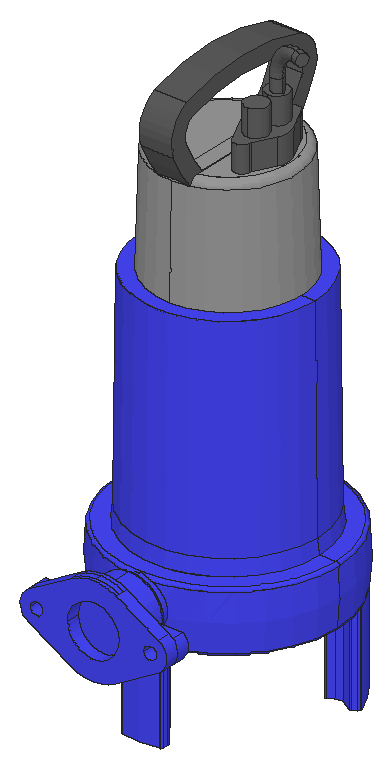
Revit family "BIM_Model_Piranha_50_09_D_rfa", category Mechanical Equipment, Revit 2018
Family settings
  Round Connector Dimension = Use Radius
  Part Type = Normal
  Work Plane-Based = No
  Always vertical = Yes
  Cut with Voids When Loaded = No
  Shared = No
  Room Calculation Point = No
Parameters (values of type "PIRANHA_09_D")
  Weight (kg) [instance] = "23"
  Volute = Cast Iron EN-GJL-250
  Upper Lid = Stainless steel 1.4301 (AISI 304)
  Speed (r/min) = 2900
  Rotor Shaft = Stainless steel 1.4021 (AISI 420)
  Rated Voltage (V) = "400 3~"
  Rated Current (A) = "4.64"
  Product Specification Link = "https://www.sulzer.com/en/shared/products/2017/03/28/14/16/submersible-grinder-pump-type-abs-piranha"
  Motor Power (kW) = "P1=2.56 P2=2.00"
  Motor Housing = Cast Iron EN-GJL-250
  Model = "Type ABS Piranha 09"
  Manufacturer = "Sulzer"
  Impeller = Cast Iron EN-GJL-250
  Head (m) = 75 mm
  Flange DN [instance] = "32"
  Fasteners = Stainless steel 1.4401 (AISI 316)
  Discharge DN 32 [instance] = 32 mm / 2  # 16 mm
  Discharge Connection [instance] = "G 1¼”"
  Description = "Submersible pumps for problem-free pumping of sewage\r\ncontaining faecal matter in pipe lines from 1¼” (DN 32)."
  Capacity (m3/hr) = 30.00 m³
  Cable Type (H07RN-F) = "4G1.0"
  Cable Length (m) = "As Per Specification"
  Assembly Code = ""
Types (3, lengths in mm): name | Rated Voltage (V) | Rated Current (A) | Product Specification Link | Motor Power (kW) | Impeller | Cable Type (H07RN-F)
  (no name) | "400 3~" | "4.64" | "https://www.sulzer.com/en/shared/products/2017/03/28/14/16/submersible-grinder-pump-type-abs-piranha" | "P1=2.56 P2=2.00" | Cast Iron EN-GJL-250 | "4G1.0"
  PIRANHA_09_W | "220-240 1~" | "11.60" | "********" | "P1=2.56 P2=1.84" | Polyamide | "3G1.0"
  PIRANHA_09_D | "400 3~" | "4.64" | "https://www.sulzer.com/en/shared/products/2017/03/28/14/16/submersible-grinder-pump-type-abs-piranha" | "P1=2.56 P2=2.00" | Cast Iron EN-GJL-250 | "4G1.0"
Reference planes
  plane 1 "Center (Front/Back)": y = 0
  plane 2: z = 0
  plane 3 "Center (Left/Right)": x = 0
  plane 4: z = 51
  plane 5: z = 88.2
  plane 6: x = 12.5
  plane 7: x = -12.5
  plane 8: through (0, 136.224, 289.935) normal (0, 0.2588, 0.9659)
  plane 9: y = -130
  plane 10: y = -120
  plane 11: z = 71.5
  plane 12: y = -88
  plane 13: z = 109.5
  plane 14: y = -14.657
  plane 15: y = -29.657
  plane 16: z = 401
  plane 17: z = 335.5
  plane 18: z = 304.5
  plane 19: through (30, -10, 1200) normal (0.3557, 0.9346, 0)
  plane 20: y = -120
Forms (mm)
  Revolve 1, solid, material "Cast Iron EN-GJL-250" <- "Motor Housing"
    sketch origin (0, 0, 0) x (1, 0, 0) y (0, 0, 1)
      loop
        line (69.788, 128.884) -> (67.653, 292) -> (0, 292) -> (0, 70) -> (83.536, 70)
        arc (83.536, 70) -> (84.513, 70.361) -> (85.019, 71.271) r 1.5
        arc (85.019, 71.271) -> (86.936, 92.846) -> (86.062, 114.488) r 168.026
        arc (86.062, 114.488) -> (85.327, 116.264) -> (83.551, 117) r 2.512
        line (83.551, 117) -> (71.151, 117)
        arc (71.151, 117) -> (70.516, 122.947) -> (69.788, 128.884) r 381.445
      axis (0, 292) -> (0, 70)
    angle from 0 to 360
  Extrusion 2, solid, material "Neoprene"
    sketch origin (-1520, -68.65, 401) x (-1, 0, 0) y (0, 1, 0)
      loop
        line (-1556.681, 45.311) -> (-1556.069, 43.549)
        arc (-1556.069, 43.549) -> (-1550, 38.482) -> (-1543.931, 43.549) r 6.168
        line (-1543.931, 43.549) -> (-1543.319, 45.311) -> (-1535.2, 60.982)
        arc (-1535.2, 60.982) -> (-1533.332, 68.65) -> (-1535.2, 76.317) r 16.668
        line (-1535.2, 76.317) -> (-1543.319, 91.989) -> (-1543.931, 93.75)
        arc (-1543.931, 93.75) -> (-1550, 98.818) -> (-1556.069, 93.75) r 6.168
        line (-1556.069, 93.75) -> (-1556.681, 91.989) -> (-1564.8, 76.317)
        arc (-1564.8, 76.317) -> (-1566.668, 68.65) -> (-1564.8, 60.982) r 16.668
        line (-1564.8, 60.982) -> (-1556.681, 45.311)
    from 0 to 20
  Extrusion 3, solid, material "Neoprene"
    sketch origin (-1520, -68.65, 401) x (-1, 0, 0) y (0, 1, 0)
      loop
        circle (-1550, 58.65) r 8.659
      loop
        circle (-1550, 78.65) r 8.659
    from 0 to -20
  Revolve 4, solid, material "Stainless steel 1.4301 (AISI 304)" <- "Upper Lid"
    sketch origin (0, 0, 0) x (0, 1, 0) y (0, 0, 1)
      loop
        line (48.025, 381) -> (0, 381) -> (0, 292) -> (56.499, 292)
        arc (56.499, 292) -> (55.901, 333.701) -> (54.014, 375.364) r 1349.351
        arc (54.014, 375.364) -> (52.137, 379.369) -> (48.025, 381) r 6
      axis (0, 381) -> (0, 292)
    angle from 0 to 360
  Extrusion 5, solid, material "Cast Iron EN-GJL-250" <- "Motor Housing"
    sketch origin (0, 0, 0) x (1, 0, 0) y (0, 1, 0)
      loop
        line (74.507, 25.114) -> (75.476, 25.051) -> (79.123, 27.157) -> (79.835, 28.73) -> (79.696, 29.514)
        arc (79.696, 29.514) -> (73.6, 42.493) -> (65.408, 54.262) r 84.986
        line (65.408, 54.262) -> (64.798, 54.774) -> (63.08, 54.944) -> (59.433, 52.839) -> (59.003, 51.968) -> (59.003, 39.939) -> (55.38, 35.693) -> (51.103, 33.027)
        spline (51.103, 33.027) -> (50.942, 32.912) -> (50.797, 32.778) -> (50.67, 32.628) -> (50.563, 32.463) -> (50.478, 32.287) -> (50.416, 32.102) -> (50.378, 31.912) -> (50.366, 31.719) -> (50.378, 31.526) -> (50.415, 31.337) -> (50.477, 31.155) -> (50.561, 30.983)
        line (50.561, 30.983) -> (52.113, 28.296)
        spline (52.113, 28.296) -> (52.22, 28.136) -> (52.346, 27.992) -> (52.491, 27.866) -> (52.652, 27.759) -> (52.825, 27.673) -> (53.009, 27.61) -> (53.2, 27.571) -> (53.396, 27.557) -> (53.592, 27.567) -> (53.785, 27.602) -> (53.974, 27.661) -> (54.153, 27.743)
        line (54.153, 27.743) -> (58.601, 30.114) -> (64.089, 31.129) -> (74.507, 25.114)
      loop
        line (-15.036, -83.504) -> (-14.289, -83.776)
        arc (-14.289, -83.776) -> (0, -84.986) -> (14.288, -83.776) r 84.986
        line (14.288, -83.776) -> (15.036, -83.504) -> (16.043, -82.101) -> (16.043, -77.89) -> (15.504, -77.082) -> (5.086, -71.067) -> (3.221, -65.807) -> (3.051, -60.77)
        spline (3.051, -60.77) -> (3.032, -60.573) -> (2.988, -60.381) -> (2.922, -60.195) -> (2.833, -60.02) -> (2.723, -59.859) -> (2.593, -59.713) -> (2.447, -59.585) -> (2.286, -59.477) -> (2.113, -59.392) -> (1.931, -59.329) -> (1.743, -59.292) -> (1.551, -59.279)
        line (1.551, -59.279) -> (-1.551, -59.279)
        spline (-1.551, -59.279) -> (-1.743, -59.292) -> (-1.931, -59.329) -> (-2.113, -59.392) -> (-2.286, -59.477) -> (-2.447, -59.585) -> (-2.593, -59.713) -> (-2.723, -59.859) -> (-2.833, -60.02) -> (-2.922, -60.195) -> (-2.988, -60.381) -> (-3.032, -60.573) -> (-3.051, -60.77)
        line (-3.051, -60.77) -> (-3.221, -65.807) -> (-5.086, -71.067) -> (-15.504, -77.082) -> (-16.043, -77.89) -> (-16.043, -82.101) -> (-15.036, -83.504)
      loop
        line (-79.696, 29.514) -> (-79.835, 28.73) -> (-79.123, 27.157) -> (-75.476, 25.051) -> (-74.507, 25.114) -> (-64.089, 31.129) -> (-58.601, 30.114) -> (-54.153, 27.743)
        spline (-54.153, 27.743) -> (-53.974, 27.661) -> (-53.785, 27.602) -> (-53.592, 27.567) -> (-53.396, 27.557) -> (-53.2, 27.571) -> (-53.009, 27.61) -> (-52.825, 27.673) -> (-52.652, 27.759) -> (-52.491, 27.866) -> (-52.346, 27.992) -> (-52.22, 28.136) -> (-52.113, 28.296)
        line (-52.113, 28.296) -> (-50.561, 30.983)
        spline (-50.561, 30.983) -> (-50.477, 31.155) -> (-50.415, 31.337) -> (-50.378, 31.526) -> (-50.366, 31.719) -> (-50.378, 31.912) -> (-50.416, 32.102) -> (-50.478, 32.287) -> (-50.563, 32.463) -> (-50.67, 32.628) -> (-50.797, 32.778) -> (-50.942, 32.912) -> (-51.103, 33.027)
        line (-51.103, 33.027) -> (-55.38, 35.693) -> (-59.003, 39.939) -> (-59.003, 51.968) -> (-59.433, 52.839) -> (-63.08, 54.944) -> (-64.798, 54.774) -> (-65.408, 54.262)
        arc (-65.408, 54.262) -> (-73.6, 42.493) -> (-79.696, 29.514) r 84.986
    from 0 to 71.5
  Extrusion 6, solid, material "Handle"
    sketch origin (0, 0, 48.8) x (0, 1, 0) y (0, 0, 1)
      loop
        line (-52.52, 326.564) -> (52.52, 326.564)
        arc (52.52, 326.564) -> (60.945, 339.106) -> (67.857, 352.541) r 130
        arc (67.857, 352.541) -> (68.306, 371.713) -> (55.041, 385.563) r 25
        arc (55.041, 385.563) -> (0, 394.7) -> (-55.041, 385.563) r 170.348
        arc (-55.041, 385.563) -> (-68.306, 371.713) -> (-67.857, 352.541) r 25
        arc (-67.857, 352.541) -> (-60.945, 339.106) -> (-52.52, 326.564) r 130
      loop
        line (-40.62, 331.633) -> (40.62, 331.633)
        arc (40.62, 331.633) -> (49.368, 344.105) -> (56.429, 357.605) r 117.5
        arc (56.429, 357.605) -> (56.732, 366.982) -> (50.426, 373.929) r 12.5
        arc (50.426, 373.929) -> (0, 382.2) -> (-50.426, 373.929) r 157.848
        arc (-50.426, 373.929) -> (-56.732, 366.982) -> (-56.429, 357.605) r 12.5
        arc (-56.429, 357.605) -> (-49.368, 344.105) -> (-40.62, 331.633) r 117.5
    from -12.5 to 12.5
  Sweep 7, solid, material "Neoprene"
    path origin (23.633, -7.577, 1253.909) x (-0.934603, 0.355692, 0) y (0, 0, 1)
      loop
        line (0.301, -872.909) -> (0.301, -822.909)
        arc (0.301, -822.909) -> (-7.021, -805.231) -> (-24.699, -797.909) r 25
        line (-24.699, -797.909) -> (-29.699, -797.909)
    profile origin (23.351, -7.47, 406) x (0.934603, -0.355692, 0) y (0.355692, 0.934603, 0)
      loop
        circle (0, 18.692) r 4.5
  Revolve 8, solid, material "Cast Iron EN-GJL-250" <- "Motor Housing"
    sketch origin (0, 0, 0) x (0, 1, 0) y (0, 0, 1)
      loop
        arc (-92.534, 117) -> (-93.229, 117.281) -> (-93.534, 117.965) r 1
        line (-93.534, 117.965) -> (-93.608, 120.087)
        arc (-93.608, 120.087) -> (-94.314, 121.793) -> (-96.021, 122.5) r 2.413
        line (-96.021, 122.5) -> (-117.5, 122.5)
        arc (-117.5, 122.5) -> (-119.268, 123.232) -> (-120, 125) r 2.5
        line (-120, 125) -> (-120, 129)
        arc (-120, 129) -> (-120.732, 130.768) -> (-122.5, 131.5) r 2.5
        line (-122.5, 131.5) -> (-127.5, 131.5)
        arc (-127.5, 131.5) -> (-129.268, 130.768) -> (-130, 129) r 2.5
        line (-130, 129) -> (-130, 96.5) -> (-55.244, 96.5) -> (-55.244, 117) -> (-92.534, 117)
      axis (-55.244, 96.5) -> (-130, 96.5)
    angle from 0 to 360
  Extrusion 9, solid, material "Cast Iron EN-GJL-250" <- "Motor Housing"
    sketch origin (0, -130, 123) x (0, 0, -1) y (-1, 0, 0)
      loop
        line (15.242, 50.5) -> (-3.811, 17.5)
        arc (-3.811, 17.5) -> (-8.5, 0) -> (-3.811, -17.5) r 35
        line (-3.811, -17.5) -> (15.242, -50.5)
        arc (15.242, -50.5) -> (26.5, -57) -> (37.758, -50.5) r 13
        line (37.758, -50.5) -> (56.811, -17.5)
        arc (56.811, -17.5) -> (61.5, 0) -> (56.811, 17.5) r 35
        line (56.811, 17.5) -> (37.758, 50.5)
        arc (37.758, 50.5) -> (26.5, 57) -> (15.242, 50.5) r 13
      loop
        circle (26.5, 44) r 5
      loop
        circle (26.5, -44) r 5
    from 0 to 10
  Extrusion 10, solid, material "Cast Iron EN-GJL-250" <- "Motor Housing"
    sketch origin (0, -120, 50.937) x (0, 0, -1) y (-1, 0, 0)
      loop
        line (-54.563, 53.381) -> (-54.563, -53.381)
        arc (-54.563, -53.381) -> (-45.563, -57) -> (-36.563, -53.381) r 13
        line (-36.563, -53.381) -> (-36.563, 53.381)
        arc (-36.563, 53.381) -> (-45.563, 57) -> (-54.563, 53.381) r 13
      loop
        circle (-45.563, 44) r 5
      loop
        circle (-45.563, -44) r 5
    from 0 to 10
  Extrusion 11, void
    sketch origin (0, -130, 123) x (0, 0, 1) y (-1, 0, 0)
      loop
        circle (-26.5, 0) r 20
    from 0 to -10
Cuts and joins
  Extrusion 11 cuts Revolve 1
  Extrusion 11 cuts Revolve 8
  Extrusion 11 cuts Extrusion 9
  Extrusion 11 cuts Extrusion 10
  joined: Revolve 1, Revolve 8, Extrusion 9, Extrusion 10
Dimensions and locks
  plane 3 "Center (Left/Right)" to plane 6 = 12.5 mm
  plane 7 to plane 3 "Center (Left/Right)" = 12.5 mm
  plane 5 to plane 2 = 88.2 mm
  plane 11 to plane 2 = 71.5 mm
  plane 1 "Center (Front/Back)" to plane 12 = 88 mm
  plane 13 to plane 2 = 109.5 mm
  plane 16 to plane 2 = 401 mm
  plane 16 to plane 17 = 65.5 mm
  plane 18 to plane 2 = 304.5 mm
  plane 6 to plane 3 "Center (Left/Right)" = 12.5 mm
  plane 3 "Center (Left/Right)" to plane 7 = 12.5 mm
  plane 20 to plane 9 = 10 mm
  aligned and locked: level to plane 2
  aligned and locked: Extrusion 5 to level
  aligned and locked: plane 11 to Extrusion 5
  aligned and locked: Extrusion 6 to plane 7
  aligned and locked: plane 6 to Extrusion 6
  aligned and locked: plane 10 to Extrusion 9
  aligned and locked: Extrusion 10 to plane 10
  aligned and locked: Extrusion 11 to plane 20
  aligned and locked: plane 10 to Extrusion 11
  aligned and locked: Extrusion 5 to plane 2
Connectors
  piping at (0, -130, 96.5), diameter 32, driven by "Discharge DN 32"
    settings: on cut or joined group of Revolve 1, Revolve 8, Extrusion 9, Extrusion 10, Extrusion 11, index 1, connector inside diameter 32 mm, connector length 0 mm, flow factor 0, pipe flow 0.0 L/s, pressure drop 0.0 Pa, fitting loss kfactor 0, connector angle 0.00°, fixture units 0, engagement length 0 mm, angle of deflection 0.00°, flow configuration 0, flow direction 0, fitting loss method 0, system type 29, joint type 0, gender type 0, connector reference index -1, connector utility 0, adjustable connector no, is connector primary yes, connector description "Discharge"
